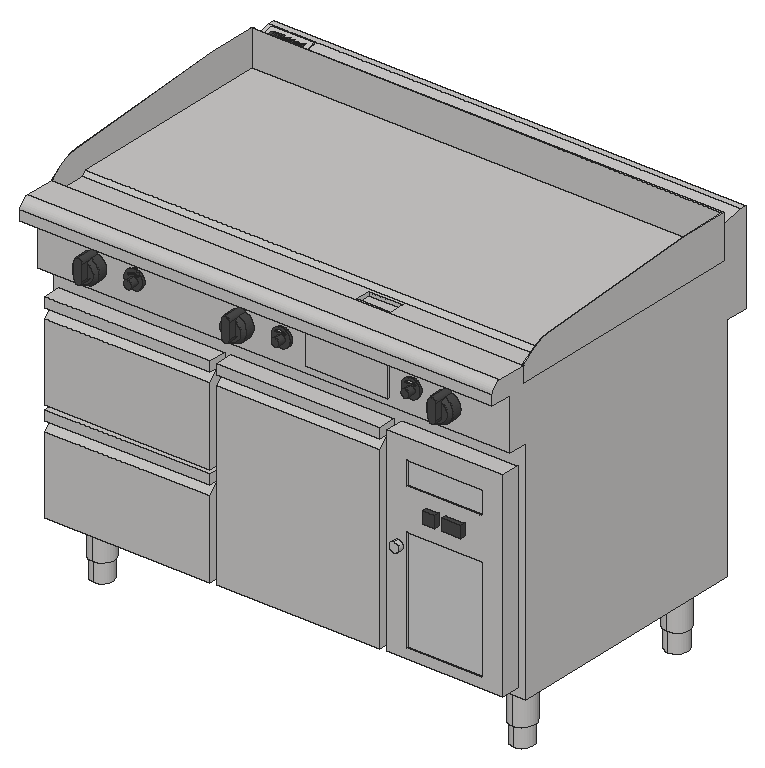
Revit family "QF_MOFFAT WALDORF_GPL8120G-RB", category Specialty Equipment, Revit 2012 (continued)
Definition of nested family "WALDORF LOGO_FACE BASE"
  Forms (in)
    Extrusion 3, solid, material "QF_Finishes_Black", visible <- "Show Logo"
      sketch origin (0, -1.30776, 0.0625) x (1, 0, 0) y (0, 1, 0)
        loop
          spline (1.79935, 0.67145) -> (1.80084, 0.68049) -> (1.8052, 0.68892) -> (1.81214, 0.69616) -> (1.82119, 0.70171) -> (1.83172, 0.7052) -> (1.84303, 0.70639) -> (1.85433, 0.7052) -> (1.86487, 0.70171) -> (1.87391, 0.69616) -> (1.88085, 0.68892) -> (1.88522, 0.68049) -> (1.8867, 0.67145)
          line (1.8867, 0.67145) -> (1.8867, 0.63866)
          arc (1.8867, 0.63866) -> (1.80086, 0.63047) -> (1.71911, 0.60304) r 0.3781
          arc (1.71911, 0.60304) -> (1.65056, 0.50429) -> (1.71911, 0.40555) r 0.1054
          arc (1.71911, 0.40555) -> (1.79242, 0.4076) -> (1.86346, 0.42583) r 0.32932
          line (1.86346, 0.42583) -> (1.8934, 0.4372) -> (1.8934, 0.40555) -> (2.04004, 0.40555) -> (2.04004, 0.67145)
          spline (2.04004, 0.67145) -> (2.03364, 0.70162) -> (2.01487, 0.72973) -> (1.98501, 0.75387) -> (1.94609, 0.77239) -> (1.90077, 0.78403) -> (1.85214, 0.788) -> (1.80351, 0.78403) -> (1.75819, 0.77239) -> (1.71928, 0.75387) -> (1.68942, 0.72973) -> (1.67064, 0.70162) -> (1.66424, 0.67145)
        loop
          line (2.09256, 0.91394) -> (2.09256, 0.40555) -> (2.25865, 0.40555) -> (2.25865, 0.91394) -> (2.09256, 0.91394)
        loop
          line (2.55408, 0.91394) -> (2.55408, 0.7424)
          arc (2.55408, 0.7424) -> (2.28672, 0.59489) -> (2.55408, 0.44737) r 0.17438
          line (2.55408, 0.44737) -> (2.55408, 0.40555) -> (2.69204, 0.40555) -> (2.69204, 0.91394) -> (2.55408, 0.91394)
        loop
          arc (2.55408, 0.6332) -> (2.41772, 0.59004) -> (2.55408, 0.54689) r 0.07501
          line (2.55408, 0.54689) -> (2.55408, 0.6332)
        loop
          circle (2.93792, 0.59932) r 0.19685
        loop
          spline (2.93792, 0.70298) -> (2.92737, 0.69944) -> (2.91754, 0.68909) -> (2.90909, 0.67262) -> (2.90261, 0.65115) -> (2.89854, 0.62615) -> (2.89715, 0.59932) -> (2.89854, 0.57249) -> (2.90261, 0.54749) -> (2.90909, 0.52602) -> (2.91754, 0.50954) -> (2.92737, 0.49919) -> (2.93792, 0.49566)
          spline (2.93792, 0.49566) -> (2.94847, 0.49919) -> (2.9583, 0.50954) -> (2.96674, 0.52602) -> (2.97322, 0.54749) -> (2.97729, 0.57249) -> (2.97868, 0.59932) -> (2.97729, 0.62615) -> (2.97322, 0.65115) -> (2.96674, 0.67262) -> (2.9583, 0.68909) -> (2.94847, 0.69944) -> (2.93792, 0.70298)
        loop
          line (3.19903, 0.78003) -> (3.19903, 0.40555) -> (3.33994, 0.40555) -> (3.33994, 0.55809)
          arc (3.33994, 0.55809) -> (3.38007, 0.63357) -> (3.46509, 0.64251) r 0.09104
          line (3.46509, 0.64251) -> (3.46509, 0.78003) -> (3.43153, 0.78003)
          arc (3.43153, 0.78003) -> (3.36715, 0.75849) -> (3.3287, 0.70254) r 0.10698
          line (3.3287, 0.70254) -> (3.3287, 0.78003) -> (3.19903, 0.78003)
        loop
          line (3.55311, 0.78003) -> (3.50041, 0.78003) -> (3.50041, 0.69348) -> (3.55311, 0.69348) -> (3.55311, 0.40555) -> (3.7007, 0.40555) -> (3.7007, 0.69348) -> (3.7566, 0.69348) -> (3.7566, 0.78003) -> (3.7007, 0.78003)
          arc (3.7007, 0.78003) -> (3.71707, 0.81956) -> (3.7566, 0.83593) r 0.05591
          line (3.7566, 0.83593) -> (3.7566, 0.92922) -> (3.67389, 0.92922)
          arc (3.67389, 0.92922) -> (3.59618, 0.9017) -> (3.55311, 0.8314) r 0.12349
          line (3.55311, 0.8314) -> (3.55311, 0.78003)
        loop
          arc (0.60004, 0.92798) -> (0.3304, 0.65058) -> (0.60004, 0.37318) r 0.27751
          line (0.60004, 0.37318) -> (0.60004, 0.92798)
        loop
          line (0.61579, 0.92798) -> (0.61579, 0.37318)
          arc (0.61579, 0.37318) -> (0.88543, 0.65058) -> (0.61579, 0.92798) r 0.27751
        loop
          arc (1.8867, 0.57916) -> (1.8215, 0.54129) -> (1.8867, 0.50342) r 0.0436
          line (1.8867, 0.50342) -> (1.8867, 0.57916)
      from 0 to 0.00787
  Dimensions and locks (in)
    aligned and locked: plane 2 to Extrusion 1
    aligned and locked: level to Extrusion 1
Definition of nested family "GPL8120G-CB-CASTERS"
  Parameters (values of type "BT8600-LS-CASTERS")
    Weight = ""
    URL Manufacturer = ""
    URL Cutsheet = ""
    URL = ""
    Type Mark [instance] = ""
    Status [instance] = ""
    Specification by User [instance] = ""
    Specification by Manufacturer = ""
    Show Casters [instance] = no
    Serial Number = ""
    Seismic Rating = ""
    SMACNA No = ""
    Revision Code [instance] = ""
    Omniclass Number and Title = ""
    NAFEM Spec ID Number = ""
    Model = ""
    MasterSpec. = ""
    Manufacturer = ""
    Item Number [instance] = ""
    Installed By [instance] = ""
    Identify Quantity as Lot [instance] = yes
    Furnished By [instance] = ""
    Foodservice Equipment Identifier [instance] = yes
    Description = ""
    CSI MasterFormat = ""
    CSI Master Format = ""
    Assembly Code = ""
  Reference planes (in)
    plane 1: z = 0
    plane 2 "RIGHT": x = 0
    plane 3 "FRONT": y = 0
    plane 4 "Base Height": z = 5.90551
  Forms (in)
    Revolve 1, solid, material "QF_Finishes_Stainless Steel", visible <- "Show Casters"
      sketch origin (0, 2.21793, 0) x (0, 1, 0) y (0, 0, 1)
        loop
          line (-2.21793, 6) -> (-2.21793, 5.55584) -> (-0.93693, 5.55584) -> (-0.93693, 6) -> (-2.21793, 6)
        axis (-2.21793, 5.55584) -> (-2.21793, 6)
      angle from 0 to 360
    Extrusion 2, solid, material "QF_Finishes_Stainless Steel", visible <- "Show Casters"
      sketch origin (-1.81294, 2.21793, 0) x (0, 1, 0) y (0, 0, 1)
        loop
          line (-3.37793, 5.55584) -> (-3.37793, 5.25584) -> (-3.23369, 5.25584)
          arc (-3.23369, 5.25584) -> (-3.1238, 5.20977) -> (-3.03725, 5.12786) r 0.33195
          line (-3.03725, 5.12786) -> (-1.55521, 1.94961)
          arc (-1.55521, 1.94961) -> (-0.54268, 1.81523) -> (-0.22336, 2.78544) r 0.8
          arc (-0.22336, 2.78544) -> (-0.27816, 2.89808) -> (-0.34988, 3.00079) r 0.8
          arc (-0.34988, 3.00079) -> (-0.37005, 3.3613) -> (-0.26088, 3.70547) r 1
          line (-0.26088, 3.70547) -> (0.31507, 4.78867)
          arc (0.31507, 4.78867) -> (-0.09241, 4.97284) -> (-0.5252, 5.08531) r 2.63
          line (-0.5252, 5.08531) -> (-0.54193, 5.25584) -> (-1.05793, 5.25584) -> (-1.05793, 5.55584) -> (-3.37793, 5.55584)
      from 0.78968 to 0.90247
    Extrusion 3, solid, material "QF_Finishes_Stainless Steel", visible <- "Show Casters"
      sketch origin (0.13094, 2.21793, 0) x (0, 1, 0) y (0, 0, 1)
        loop
          line (-3.37793, 5.55584) -> (-3.37793, 5.25584) -> (-3.23369, 5.25584)
          arc (-3.23369, 5.25584) -> (-3.1238, 5.20977) -> (-3.03725, 5.12786) r 0.33195
          line (-3.03725, 5.12786) -> (-1.55521, 1.94961)
          arc (-1.55521, 1.94961) -> (-0.54268, 1.81523) -> (-0.22336, 2.78544) r 0.8
          arc (-0.22336, 2.78544) -> (-0.27816, 2.89808) -> (-0.34988, 3.00079) r 0.8
          arc (-0.34988, 3.00079) -> (-0.37005, 3.3613) -> (-0.26088, 3.70547) r 1
          line (-0.26088, 3.70547) -> (0.31507, 4.78867)
          arc (0.31507, 4.78867) -> (-0.09241, 4.97284) -> (-0.5252, 5.08531) r 2.63
          line (-0.5252, 5.08531) -> (-0.54193, 5.25584) -> (-1.05793, 5.25584) -> (-1.05793, 5.55584) -> (-3.37793, 5.55584)
      from 0.78968 to 0.90247
    Extrusion 4, solid, material "QF_Finishes_Stainless Steel", visible <- "Show Casters"
      sketch origin (-1.93794, 2.21793, 0) x (0, 1, 0) y (0, 0, 1)
        loop
          line (-3.37793, 5.55584) -> (-3.37793, 5.25584) -> (-3.23369, 5.25584) -> (-0.7432, 5.03796) -> (0.2811, 4.72479) -> (0.31507, 4.78867)
          arc (0.31507, 4.78867) -> (-0.09241, 4.97284) -> (-0.5252, 5.08531) r 2.63
          line (-0.5252, 5.08531) -> (-0.54193, 5.25584) -> (-1.05793, 5.25584) -> (-1.05793, 5.55584) -> (-3.37793, 5.55584)
      from 1.02747 to 2.85669
    Revolve 5, solid, material "QF_Finishes_Stainless Steel", visible <- "Show Casters"
      sketch origin (-1.93794, 1.21343, 0) x (1, 0, 0) y (0, 0, 1)
        loop
          line (0.5843, 2.5041) -> (3.2907, 2.5041) -> (3.2907, 2.6421) -> (3.2407, 2.6921) -> (3.1807, 2.6921) -> (3.1807, 2.8278) -> (2.7025, 2.8278) -> (2.7025, 3.22009) -> (2.5625, 3.30092) -> (2.42847, 4.1291) -> (2.59375, 4.1291) -> (2.59375, 4.3791) -> (2.5625, 4.3791) -> (2.5625, 4.6291)
          arc (2.5625, 4.6291) -> (2.45267, 4.89426) -> (2.1875, 5.0041) r 0.375
          line (2.1875, 5.0041) -> (1.6875, 5.0041)
          arc (1.6875, 5.0041) -> (1.42233, 4.89426) -> (1.3125, 4.6291) r 0.375
          line (1.3125, 4.6291) -> (1.3125, 4.3791) -> (1.28125, 4.3791) -> (1.28125, 4.1291) -> (1.44653, 4.1291) -> (1.31307, 3.30443) -> (1.1725, 3.22327) -> (1.1725, 2.8278) -> (0.6943, 2.8278) -> (0.6943, 2.6921) -> (0.6343, 2.6921) -> (0.5843, 2.6421) -> (0.5843, 2.5041)
        axis (0.5843, 2.5041) -> (3.2907, 2.5041)
      angle from 0 to 360
  Cuts and joins
    joined: Extrusion 2, Extrusion 3, Extrusion 4
  Lines and regions (in)
    symbolic lines, style "SpecialityEquipmentHiddenLines", visible <- "Show Casters"
      curve 1: line (0.70901, 2.6399, 0) -> (1.79507, 2.01286, 0)
      curve 2: line (-1.79099, -1.69023, 0) -> (0.70901, 2.6399, 0)
      curve 3: line (-0.70493, -2.31727, 0) -> (-1.79099, -1.69023, 0)
      curve 4: line (1.79507, 2.01286, 0) -> (-0.70493, -2.31727, 0)
  Dimensions and locks (in)
    plane 4 "Base Height" to level = 5.90551"  (x2)
    Revolve 5 sketch curve to Revolve 5 sketch curve = 2 1/2"
    aligned and locked: level to plane 1
